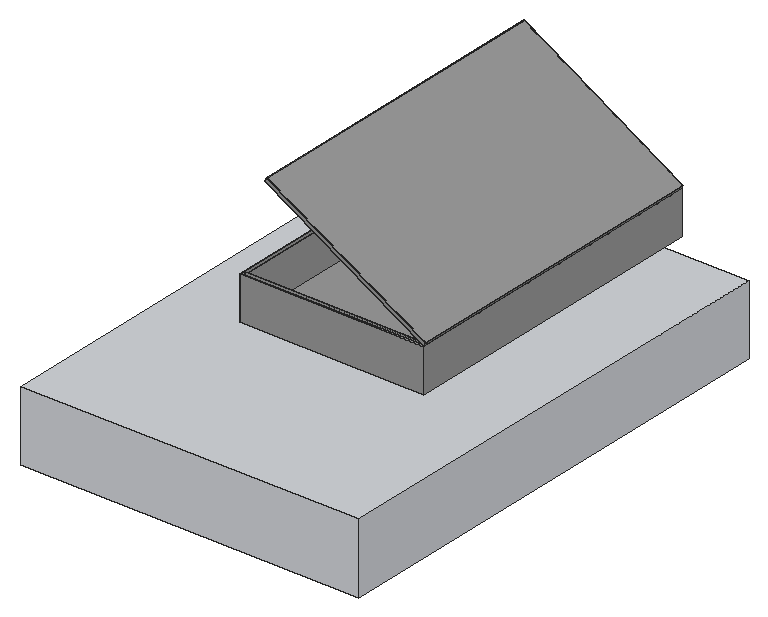
Revit family "Hager-Univers-IP44-D205-H1400-Cl.II-Encl-PL-en", category Equipement électrique, Revit 2020
Family settings
  Hôte = Face
  Configuration du panneau = Deux colonnes, circuits au sein
  Cote de connecteur circulaire = Utiliser le diamètre
  Type d'élément = Tableau de raccordement
  Couper avec des vides une fois chargée = Non
  Partagée = Non
  Point de calcul de pièce = Non
Parameters (values of type "Surface mounted (plaster) IP44 W800 H1400 D205  - FP93SN2")
  Width Control [instance] = if([EF000008 - Width] > Min Width, [EF000008 - Width], Min Width)  # 800 mm
  Commentaires du type = [HG000003 - Range]  # "Univers"
  Thickness Door [instance] = if([EF009171 - Material plate thickness door/cover] > 3 mm, 3 mm, [EF009171 - Material plate thickness door/cover])  # 1 mm
  Seal Frame Offset [instance] = 17 mm  # constant formula
  Plinth Visibility [instance] = [HG000027 - Plinth height] > 0 mm  # no
  Model = ""
  Min Width [instance] = 100 mm  # constant formula
  Min Height [instance] = 100 mm  # constant formula
  Min Depth [instance] = (2 * [EF009170 - Material plate thickness cabinet]) + 1 mm  # 3 mm
  Internal Frame Depth [instance] = (Door System Depth * 0.5)  # 9 mm
  Height Control [instance] = if([EF000040 - Height] > Min Height, [EF000040 - Height], Min Height)  # 1400 mm
  HG000027 - Plinth height = 0 mm
  HG000026 - Floor standing = no
  HG000024 - Bottom section height = 800 mm
  HG000023 - Double section enclosure = no
  HG000016 - Door 3d visibility [instance] = yes
  HG000015 - Clearance visibility [instance] = no
  HG000014 - Door on the right [instance] = yes
  HG000013 - Door on the left [instance] = not([HG000014 - Door on the right])  # no
  HG000012 - Door swing angle [instance] = 30.00°
  HG000010 - Asymmetric doors = no
  HG000009 - Double swing door = no
  HG000006 - Flush mounted = no
  HG000004 - Manufacturer reference = "FP93SN2"
  HG000003 - Range = "Univers"
  HG000002 - With door or cover = yes
  Frame Offset Bottom [instance] = 10 mm  # constant formula
  Frame Offset [instance] = 15 mm  # constant formula
  EF015940 - Cover with overpressure release = no
  EF011959 - Degree of protection (NEMA) = ""
  EF009554 - Number of openings for flange plates = 6
  EF009212 - Cover model = "EV000116 - Closed"
  EF009171 - Material plate thickness door/cover = 1 mm
  EF009170 - Material plate thickness cabinet = 1 mm
  Fabricant = "Hager"  # constant formula
  EF008873 - Nominal current (In) = 250 A
  EF007800 - Suitable for lightning protection = no
  EF006306 - With lock = no
  EF006244 - Transparent cover/door = no
  EF005474 - Degree of protection (IP) = "EV006418 - IP44"
  EF004464 - Type of door = "EV002646 - Single"
  EF004427 - Number of modules = 324
  EF004293 - Impact strength = "EV006815 - IK09"
  EF003532 - Suitable for outdoor use = no
  EF002950 - Width in number of modular spacings = 36
  EF001613 - Circuit integrity = "EV000494 - None"
  EF001596 - Material housing = "EV000179 - Steel"
  EF001131 - Internal depth = 143 mm
  EF001088 - Extension possible = yes
  EF000437 - Number of conduit inlets = 6
  EF000339 - Type of cover = "EV001012 - Cover"
  EF000266 - Number of rows = 9
  EF000218 - Built-in depth = 205 mm
  EF000118 - With mounting plate = no
  EF000116 - RAL-number = "9010"
  EF000049 - Depth = 205 mm
  EF000040 - Height = 1400 mm
  EF000008 - Width = 800 mm
  EF000007 - Colour = "EV000202 - White"
  EF000003 - Mounting method = "EV000384 - Surface mounted (plaster)"
  Door System Leaf Tolerance [instance] = 1.5 mm  # constant formula
  Door System Depth [instance] = 18 mm  # constant formula
  Door Height [instance] = Height Control - [HG000027 - Plinth height]  # 1400 mm
  Depth Control [instance] = if([EF000049 - Depth] > Min Depth, [EF000049 - Depth], Min Depth)  # 205 mm
  Default Elevation = 0 mm
  Connector Offset [instance] = Height Control / 2  # 700 mm
  Bottom Top Plate Trim [instance] = 1.5 mm  # constant formula
  Plinth height Ctrl [instance] = if([HG000027 - Plinth height] > 0 mm, [HG000027 - Plinth height], 12 mm)  # 12 mm
Types (5, lengths in mm): name | Width Control | HG000010 - Asymmetric doors | HG000009 - Double swing door | HG000004 - Manufacturer reference | EF009554 - Number of openings for flange plates | EF004464 - Type of door | EF004427 - Number of modules | EF002950 - Width in number of modular spacings | EF001131 - Internal depth | EF000437 - Number of conduit inlets | EF000339 - Type of cover | EF000008 - Width
  Surface mounted (plaster) IP44 W1050 H1400 D205  - FP94SN2 | 1050 | no | yes | "FP94SN2" | 8 | "EV003602 - Double" | 432 | 48 | 143 | 8 | "EV001012 - Cover" | 1050
  Surface mounted (plaster) IP44 W1300 H1400 D205  - FP95SN2 | 1300 | yes | yes | "FP95SN2" | 10 | "EV003602 - Double" | 540 | 60 | 130 | 10 | "EV004216 - Door" | 1300
  Surface mounted (plaster) IP44 W300 H1400 D205  - FP91SN2 | 300 | no | no | "FP91SN2" | 2 | "EV002646 - Single" | 108 | 12 | 143 | 2 | "EV001012 - Cover" | 300
  Surface mounted (plaster) IP44 W550 H1400 D205  - FP92SN2 | 550 | no | no | "FP92SN2" | 4 | "EV002646 - Single" | 216 | 24 | 143 | 4 | "EV001012 - Cover" | 550
  Surface mounted (plaster) IP44 W800 H1400 D205  - FP93SN2 | 800 | no | no | "FP93SN2" | 6 | "EV002646 - Single" | 324 | 36 | 143 | 6 | "EV001012 - Cover" | 800
Reference planes
  plane 1 "Center (Front/Back)": y = 0
  plane 2: z = 0
  plane 3 "Center (Left/Right)": x = 0
  plane 4: z = 205
  plane 5: y = 1
  plane 6: y = 700
  plane 7: y = 0
  plane 8: y = 1400
  plane 9: z = 0
  plane 10: x = -385
  plane 11: x = 385
  plane 12: x = 384
  plane 13: x = -384
  plane 14: y = 1399
  plane 15: x = -383
  plane 16: x = -400
  plane 17: x = 383
  plane 18: x = 400
  plane 19: x = 399
  plane 20: x = -399
  plane 21: y = 11
  plane 22: y = 1400
  plane 23: y = 1384
  plane 24: z = 187
  plane 25: z = 1
  plane 26: z = 186
  plane 27: z = 204
Forms (mm)
  Extrusion 1, solid
    sketch origin (0, 0, 0) x (1, 0, 0) y (0, 1, 0)
      loop
        line (-702.964, 1305) -> (-702.964, -811.445) -> (766.763, -811.445) -> (766.763, 1305) -> (-702.964, 1305)
    from 0 to -304.8
  Extrusion 2, solid, material "Hager_Steel_RAL7035_Light_Grey", visible <- "Plinth Visibility", detail levels medium+fine
    sketch origin (0, 0, 0) x (1, 0, 0) y (0, 1, 0)
      loop
        line (-400, 0) -> (400, 0) -> (400, 12) -> (-400, 12) -> (-400, 0)
    from 0 to 187
  Extrusion 3, solid, material "Hager_Steel_RAL7035_Light_Grey", detail levels medium+fine
    sketch origin (0, 0, 0) x (1, 0, 0) y (0, 1, 0)
      loop
        line (-400, 0) -> (400, 0) -> (400, 1400) -> (-400, 1400) -> (-400, 0)
    from 0 to 187
  Extrusion 4, void
    sketch origin (0, 0, 0) x (1, 0, 0) y (0, 1, 0)
      loop
        line (-399, 1) -> (399, 1) -> (399, 1399) -> (-399, 1399) -> (-399, 1)
    from 1 to 186
  Extrusion 5, void
    sketch origin (-381.607, -4572, 187) x (0, -1, 0) y (-1, 0, 0)
      loop
        line (-4583, 2.393) -> (-5956, 2.393) -> (-5956, -765.607) -> (-4583, -765.607) -> (-4583, 2.393)
    from 0 to 1 <- "EF009170 - Material plate thickness cabinet"
  Extrusion 6, solid, material "Hager_Steel_RAL7035_Light_Grey", detail levels fine
    sketch origin (0, 0, 187) x (1, 0, 0) y (0, 1, 0)
      loop
        line (-384, 1384) -> (-384, 11) -> (384, 11) -> (384, 1384) -> (-384, 1384)
      loop
        line (-385, 10) -> (385, 10) -> (385, 1385) -> (-385, 1385) -> (-385, 10)
    from 0 to 9 <- "Internal Frame Depth"
  Extrusion 7, solid, material "Hager_Steel_RAL7035_Light_Grey", detail levels coarse
    sketch origin (0, 0, 0) x (1, 0, 0) y (0, 1, 0)
      loop
        line (-400, 0) -> (400, 0) -> (400, 1400) -> (-400, 1400) -> (-400, 0)
    from 0 to 205
  Sweep 8, void
    path in 3D
      loop
        line (-400, 12, 0) -> (400, 12, 0) -> (400, 12, 187) -> (-400, 12, 187) -> (-400, 12, 0)
    profile origin (-400, 12, 93.5) x (-1, 0, 0) y (0, -1, 0)
      loop
        line (0, 0) -> (0, 1.5) -> (-1.5, 1.5)
        arc (-1.5, 1.5) -> (-1.061, 0.439) -> (0, 0) r 1.5
Cuts and joins
  Extrusion 4, Extrusion 5 cuts Extrusion 3
  Sweep 8 cuts Extrusion 2
Lines and regions (mm)
  Masking region 1
    outline origin (0, 0, 0) x (1, 0, 0) y (0, 0, 1)
      loop
        line (-400, 205) -> (-400, 0) -> (400, 0) -> (400, 205) -> (-400, 205)
  Masking region 2, detail levels medium+fine
    outline origin (0, 140, 0) x (0, 1, 0) y (0, 0, 1)
      loop
        line (-140, 0) -> (1260, 0) -> (1260, 187) -> (-140, 187) -> (-140, 0)
  Masking region 3, not visible, detail levels medium+fine
    outline origin (0, 297.922, 0) x (0, 1, 0) y (0, 0, 1)
      loop
        line (413.578, 0) -> (453.578, 0) -> (453.578, 194)
        arc (453.578, 194) -> (450.649, 201.071) -> (443.578, 204) r 10
        line (443.578, 204) -> (413.578, 204) -> (413.578, 0)
  Masking region 4, detail levels coarse
    outline origin (0, 0, 180) x (0, 1, 0) y (0, 0, 1)
      loop
        line (0, -180) -> (1400, -180) -> (1400, 25) -> (0, 25) -> (0, -180)
  Masking region 5, visible <- "Plinth Visibility", detail levels medium+fine
    outline origin (0, 52.24, 12.345) x (0, 0, -1) y (0, 1, 0)
      loop
        line (10.845, -40.24) -> (-173.155, -40.24)
        arc (-173.155, -40.24) -> (-173.594, -41.301) -> (-174.655, -41.74) r 1.5
        line (-174.655, -41.74) -> (-174.655, -52.24) -> (12.345, -52.24) -> (12.345, -41.74)
        arc (12.345, -41.74) -> (11.285, -41.301) -> (10.845, -40.24) r 1.5
  Masking region 6, detail levels medium+fine
    outline origin (-381.607, -4572, 187) x (-1, 0, 0) y (0, -1, 0)
      loop
        line (18.393, -5972) -> (18.393, -4572) -> (-781.607, -4572) -> (-781.607, -5972) -> (18.393, -5972)
  Masking region 7, visible <- "Plinth Visibility", detail levels medium+fine
    outline origin (-381.607, -4727, 187) x (-1, 0, 0) y (0, -1, 0)
      loop
        arc (16.893, -4739) -> (17.332, -4737.939) -> (18.393, -4737.5) r 1.5
        line (18.393, -4737.5) -> (18.393, -4727) -> (-781.607, -4727) -> (-781.607, -4737.5)
        arc (-781.607, -4737.5) -> (-780.546, -4737.939) -> (-780.107, -4739) r 1.5
        line (-780.107, -4739) -> (16.893, -4739)
  Masking region 8, detail levels coarse
    outline origin (-442.548, -4669.526, 187) x (-1, 0, 0) y (0, -1, 0)
      loop
        line (-42.548, -6069.526) -> (-42.548, -4669.526) -> (-842.548, -4669.526) -> (-842.548, -6069.526) -> (-42.548, -6069.526)
  sketch lines
    curve 1: line (-400, 12, 187) -> (-400, 12, 0)
    curve 2: line (400, 12, 187) -> (-400, 12, 187)
    curve 3: line (400, 12, 187) -> (400, 12, 0)
    curve 4: line (-400, 12, 0) -> (400, 12, 0)
Dimensions and locks
  "Depth Control": plane 4 to Extrusion 1
  "HG000027 - Plinth height": plane 1 "Center (Front/Back)" to plane 7
  "EF009170 - Material plate thickness cabinet": plane 5 to plane 7
  locked: connector elem to plane 3 "Center (Left/Right)"
  equal spacing: plane 8, plane 6, plane 7
  locked: connector elem to plane 6
  "EF009170 - Material plate thickness cabinet": plane 8 to plane 14
  "EF009170 - Material plate thickness cabinet": plane 10 to plane 13
  "EF009170 - Material plate thickness cabinet": plane 12 to plane 11
  "Frame Offset": plane 20 to plane 13
  "Frame Offset": plane 12 to plane 19
  "EF009170 - Material plate thickness cabinet": plane 16 to plane 20
  "EF009170 - Material plate thickness cabinet": plane 19 to plane 18
  "Seal Frame Offset": plane 16 to plane 15
  "Seal Frame Offset": plane 17 to plane 18
  "Frame Offset Bottom": plane 21 to plane 5
  "Frame Offset": plane 14 to plane 23
  equal spacing: plane 16, plane 3 "Center (Left/Right)", plane 18
  "Width Control": plane 16 to plane 18
  "EF009170 - Material plate thickness cabinet": plane 4 to plane 27
  "EF009170 - Material plate thickness cabinet": plane 24 to plane 26
  "EF009170 - Material plate thickness cabinet": plane 25 to level
  "Door System Depth": plane 4 to plane 24
  "Height Control": plane 1 "Center (Front/Back)" to Extrusion 7 sketch curve
  "Height Control": Masking region 4 sketch curve to plane 1 "Center (Front/Back)"
  "Height Control": plane 1 "Center (Front/Back)" to plane 22
  "Bottom Top Plate Trim": profile plane to Sweep 8 sketch curve
  "Bottom Top Plate Trim": Sweep 8 sketch curve to profile plane
  "Plinth height Ctrl": plane 1 "Center (Front/Back)" to Extrusion 2 sketch curve
  "Plinth height Ctrl": Masking region 5 sketch curve to plane 1 "Center (Front/Back)"
  "Plinth height Ctrl": plane 1 "Center (Front/Back)" to Masking region 7 sketch curve
  "Thickness Door": Extrusion 6 sketch curve to Extrusion 6 sketch curve  (x3)
  "Thickness Door": cut or joined group of Extrusion 3, Extrusion 4, Extrusion 5 to Extrusion 6 sketch curve
  radius of Masking region 3 sketch curve = 10 mm
  "Bottom Top Plate Trim": radius of Masking region 5 sketch curve  (x2)
  "Bottom Top Plate Trim": radius of Sweep 8 sketch curve
  "Bottom Top Plate Trim": radius of Masking region 7 sketch curve  (x2)
  aligned and locked: plane 2 to Extrusion 1
  aligned and locked: level to Extrusion 1
  aligned and locked: level to Masking region 1 sketch curve
  aligned and locked: Masking region 1 sketch curve to plane 18
  aligned and locked: Masking region 1 sketch curve to plane 16
  aligned and locked: plane 7 to Masking region 2 sketch curve
  aligned and locked: level to Masking region 3 sketch curve
  aligned and locked: Masking region 3 sketch curve to plane 27
  aligned and locked: level to Masking region 2 sketch curve
  aligned and locked: plane 1 "Center (Front/Back)" to Extrusion 2 sketch curve
  aligned and locked: Extrusion 3 sketch curve to plane 7
  aligned and locked: plane 16 to Extrusion 3 sketch curve
  aligned and locked: plane 18 to Extrusion 3 sketch curve
  aligned and locked: plane 20 to Extrusion 4 sketch curve
  aligned and locked: plane 19 to Extrusion 4 sketch curve
  aligned and locked: Extrusion 4 sketch curve to plane 5
  aligned and locked: Extrusion 4 to plane 25
  aligned and locked: plane 26 to Extrusion 4
  aligned and locked: plane 24 to Extrusion 3
  aligned and locked: Extrusion 5 sketch curve to plane 21
  aligned and locked: Extrusion 5 sketch curve to plane 13
  aligned and locked: Extrusion 5 sketch curve to plane 12
  aligned and locked: plane 18 to Extrusion 7 sketch curve
  aligned and locked: plane 1 "Center (Front/Back)" to Extrusion 7 sketch curve
  aligned and locked: plane 16 to Extrusion 7 sketch curve
  aligned and locked: plane 4 to Extrusion 7
  aligned and locked: Extrusion 7 to level
  aligned and locked: level to Masking region 4 sketch curve
  aligned and locked: Masking region 4 sketch curve to plane 1 "Center (Front/Back)"
  aligned and locked: Masking region 4 sketch curve to plane 4
  aligned and locked: nested 1 to level
  aligned and locked: nested 1 to plane 16
  aligned and locked: plane 8 to Extrusion 3 sketch curve
  aligned and locked: plane 23 to Extrusion 5 sketch curve
  aligned and locked: plane 14 to Extrusion 4 sketch curve
  aligned and locked: Masking region 2 sketch curve to plane 8
  aligned and locked: level to Masking region 5 sketch curve
  aligned and locked: plane 16 to Extrusion 2 sketch curve
  aligned and locked: plane 18 to Extrusion 2 sketch curve
  aligned and locked: Masking region 5 sketch curve to plane 24
  aligned and locked: Masking region 2 sketch curve to plane 24
  aligned and locked: plane 24 to Extrusion 2
  aligned and locked: profile plane to Sweep 8 sketch curve  (x2)
  aligned and locked: Masking region 6 sketch curve to plane 18
  aligned and locked: Masking region 6 sketch curve to plane 22
  aligned and locked: Masking region 6 sketch curve to plane 16
  aligned and locked: plane 8 to plane 22
  aligned and locked: Masking region 6 sketch curve to plane 7
  aligned and locked: Masking region 7 sketch curve to plane 16
  aligned and locked: Masking region 7 sketch curve to plane 1 "Center (Front/Back)"
  aligned and locked: Masking region 7 sketch curve to plane 18
  aligned and locked: Masking region 8 sketch curve to plane 1 "Center (Front/Back)"
  aligned and locked: Masking region 8 sketch curve to plane 18
  aligned and locked: Masking region 8 sketch curve to plane 22
  aligned and locked: Masking region 8 sketch curve to plane 16
  aligned and locked: nested 2 to plane 7
  aligned and locked: plane 3 "Center (Left/Right)" to nested 2
  aligned and locked: nested 2 to plane 24
  aligned and locked: Extrusion 6 sketch curve to cut or joined group of Extrusion 3, Extrusion 4, Extrusion 5  (x4)
Automatic sketch dimensions
  Extrusion 1 sketch curve to Extrusion 1 sketch curve = 1469.727 mm
  Extrusion 1 sketch curve to Extrusion 1 sketch curve = 2116.445 mm
  Masking region 1 sketch curve to plane 4 = 0 mm
  plane 6 to Masking region 3 sketch curve = 11.5 mm
  Masking region 3 sketch curve to Masking region 3 sketch curve = 30 mm
  Masking region 5 sketch curve to plane 1 "Center (Front/Back)" = 0 mm
Nested families
  nested 1: "Hager_Enclosure_Symbol" at (-400, 0, 0) x (1, 0, 0) z (0, -1, 0), Height <- "Depth Control", Width <- "Width Control", type "Hager_Enclosure_Symbol"
    with Width_Ctrl 800 mm, Width 800 mm, Height_Ctrl 205 mm, Height 205 mm, A_Width_Int 13.453 mm, A_Width 161.438 mm, A_Height_Ctrl 179.375 mm, A_Height 179.375 mm
  nested 2: "EC000058_Univers_Door" at (0, 0, 187) x (1, 0, 0) z (0, 1, 0), Leaf_Tolerance <- "Door System Leaf Tolerance", Angle <- "HG000012 - Door swing angle", Door_Depth <- "Door System Depth", Door_Left <- "HG000013 - Door on the left", Transparent <- "EF006244 - Transparent cover/door", Assymetrical <- "HG000010 - Asymmetric doors", Width <- "Width Control", Clearance <- "HG000015 - Clearance visibility", Double <- "HG000009 - Double swing door", 3d_Door <- "HG000016 - Door 3d visibility", Lock_Visibility <- "EF006306 - With lock", Width_Ctrl <- "Width Control", Door_Right <- "HG000014 - Door on the right", Door <- "HG000002 - With door or cover", Height <- "Door Height", Thickness <- "Thickness Door", type "EC000058_Univers_Door", detail levels medium+fine
    with min_wh 3 mm, Width_Ctrl 800 mm, Width 800 mm, Transparent no, Thickness 1 mm, Seal_Material Hager_Rubber, Lock_Visibility no, Lock_Material Hager_Plastic_RAL9005_Jet_Black, Leaf_Width 800 mm, Leaf_Tolerance_External_Sides 0 mm, Leaf_Tolerance 1.5 mm, Leaf_Offset 0 mm, Leaf_Height 1397 mm, Leaf_2_Width 800 mm, Leaf_2_Offset 400 mm, Leaf_1_Width 800 mm, Leaf_1_Offset 400 mm, Height_Ctrl 1400 mm, Height 1400 mm, Glass_Material Hager_Glass, Double_Clearance_Ctrl no, Double no, Door_Right_Ctrl yes, Door_Right yes, Door_Material Hager_Steel_RAL7035_Light_Grey, Door_Left_Ctrl no, Door_Left no, Door_Depth 18 mm, Door yes, Clearance_Material Hager_Clearance, Clearance_Depth 800 mm, Clearance_Ctrl no, Clearance no, Assymetrical no, Angle 30.00°, 3d_Door yes
Connectors
  electrical at (0, 700, 0)
    settings: on plane 9, index 1, voltage 0 V, apparent load 0 VA, apparent load phase1 0 VA, apparent load phase2 0 VA, apparent load phase3 0 VA, power factor 1, load classification "Other", number of poles 1, system type 30, power factor state 1, is connector primary yes, connector utility no, sub classification motor no, connector description ""
Definition of nested family "EC000058_Univers_Door"
  Parameters (values of type "EC000058_Univers_Door")
    min_wh [instance] = (2 * Thickness) + 1 mm  # 11 mm
    Width_Ctrl [instance] = 400 mm
    Width [instance] = 500 mm
    Transparent [instance] = yes
    Thickness [instance] = 5 mm
    Seal_Material [instance] = none
    Lock_Visibility [instance] = yes
    Lock_Material [instance] = none
    Leaf_Width [instance] = if((Width_Ctrl - 2 * Leaf_Tolerance_External_Sides) > 0 mm, (Width_Ctrl - 2 * Leaf_Tolerance_External_Sides), min_wh)  # 400 mm
    Leaf_Tolerance_External_Sides [instance] = 0 mm  # constant formula
    Leaf_Tolerance [instance] = 1.5 mm
    Leaf_Offset [instance] = 0 mm  # constant formula
    Leaf_Height [instance] = if((Height_Ctrl - 2 * Leaf_Tolerance) > 0 mm, (Height_Ctrl - 2 * Leaf_Tolerance), min_wh)  # 497 mm
    Leaf_2_Width [instance] = if(and(and(Double, Assymetrical), Door_Left), (Leaf_Width / 3) - (Leaf_Tolerance / 2), if(and(and(Double, Assymetrical), Door_Right), (Leaf_Width / 3) * 2 - (Leaf_Tolerance / 2), if(and(Double, not(Assymetrical)), (Leaf_Width / 2) - Leaf_Tolerance, Leaf_Width)))  # 400 mm
    Leaf_2_Offset [instance] = if(and(Double, Assymetrical), Leaf_2_Width / 2, if(and(Double, not(Assymetrical)), Leaf_Width / 4, Leaf_Width / 2))  # 200 mm
    Leaf_1_Width [instance] = if(and(and(Double, Assymetrical), Door_Right), (Leaf_Width / 3) - (Leaf_Tolerance / 2), if(and(and(Double, Assymetrical), Door_Left), (Width / 3) * 2 - (Leaf_Tolerance / 2), if(and(Double, not(Assymetrical)), (Leaf_Width / 2) - Leaf_Tolerance, Leaf_Width)))  # 400 mm
    Leaf_1_Offset [instance] = if(and(Double, Assymetrical), Leaf_1_Width / 2, if(and(Double, not(Assymetrical)), Leaf_Width / 4, Leaf_Width / 2))  # 200 mm
    Height_Ctrl [instance] = if(Height > min_wh, Height, min_wh)  # 500 mm
    Height [instance] = 500 mm
    Glass_Material [instance] = none
    Double_Clearance_Ctrl [instance] = and(Double, Clearance)  # no
    Double [instance] = no
    Door_Right_Ctrl [instance] = and(or(Door_Right, Double), Door)  # yes
    Door_Right [instance] = yes
    Door_Material [instance] = none
    Door_Left_Ctrl [instance] = and(or(Door_Left, Double), Door)  # no
    Door_Left [instance] = no
    Door_Depth [instance] = 30 mm
    Door [instance] = yes
    Default Elevation = 1219.2 mm
    Clearance_Material [instance] = none
    Clearance_Depth [instance] = if(Leaf_1_Width > Leaf_2_Width, Leaf_1_Width, Leaf_2_Width)  # 400 mm
    Clearance_Ctrl [instance] = and(not(Double), Clearance)  # yes
    Clearance [instance] = yes
    Assymetrical [instance] = yes
    Angle [instance] = 30.00°
    3d_Door [instance] = yes
  Reference planes
    plane 1 "Center (Front/Back)": y = 0
    plane 2 "Bottom": z = 0
    plane 3 "Center (Left/Right)": x = 0
    plane 4: z = 500
    plane 5: x = -200
    plane 6: x = 200
    plane 7: z = 500
    plane 8: x = -200
    plane 9: z = 0
    plane 10: x = 200
    plane 11: y = 0
    plane 12: z = 1.5
    plane 13: x = -600
    plane 14: y = -400
    plane 15: x = 600
    plane 16: x = 0
    plane 17: x = 0
    plane 18: x = -200
    plane 19: x = 200
    plane 20: z = 498.5
  Forms (mm)
    Extrusion 1, solid, material <- "Clearance_Material", visible <- "Double_Clearance_Ctrl"
      sketch origin (1200, 0, 0) x (1, 0, 0) y (0, 0, -1)
        loop
          line (-1800, -498.5) -> (-600, -498.5) -> (-600, 0) -> (-1800, 0) -> (-1800, -498.5)
      from 0 to -400
  Dimensions and locks
    equal spacing: plane 5, plane 3 "Center (Left/Right)", plane 6
    "Width_Ctrl": plane 5 to plane 6
    "Leaf_Offset": plane 5 to plane 8
    "Leaf_Offset": plane 6 to plane 10
    "Leaf_Offset": plane 9 to level
    "Leaf_Offset": plane 4 to plane 7
    "Height_Ctrl": plane 4 to level
    "Leaf_Tolerance": plane 12 to plane 9
    locked: plane 11 to plane 1 "Center (Front/Back)"
    "Leaf_1_Offset": plane 18 to plane 16
    "Leaf_2_Offset": plane 17 to plane 19
    "Leaf_1_Width": plane 13 to plane 8
    "Leaf_2_Width": plane 10 to plane 15
    "Clearance_Depth": plane 14 to plane 1 "Center (Front/Back)"
    "Leaf_Tolerance_External_Sides": plane 8 to plane 18
    "Leaf_Tolerance_External_Sides": plane 19 to plane 10
    "Leaf_Tolerance": plane 7 to plane 20
    aligned and locked: level to plane 2 "Bottom"
    aligned and locked: nested 1 to plane 16
    aligned and locked: nested 2 to plane 17
    aligned and locked: Extrusion 1 to plane 13
    aligned and locked: plane 15 to Extrusion 1
    aligned and locked: Extrusion 1 to plane 14
    aligned and locked: plane 12 to nested 1
    aligned and locked: nested 2 to plane 12
    aligned and locked: Extrusion 1 to plane 11
    aligned and locked: plane 20 to Extrusion 1
    aligned and locked: nested 2 to plane 11
    aligned and locked: nested 1 to plane 11
  Automatic sketch dimensions
    Extrusion 1 sketch curve to level = 0 mm
    plane 5 to Extrusion 1 sketch curve = 400 mm
    plane 6 to Extrusion 1 sketch curve = 400 mm
    Extrusion 1 sketch curve to plane 4 = 1.5 mm
  Nested families
    nested 1: "EC000058_Univers_Door_Leaf" at (0, 0, 1.5), Width <- "Leaf_1_Width", visible <- "Door_Left_Ctrl", Leaf_Height <- "Leaf_Height", Angle <- "Angle", 3d_Door <- "3d_Door", Transparent <- "Transparent", Clearance Material <- "Clearance_Material", Clearance <- "Clearance_Ctrl", Door_Material <- "Door_Material", Glass_Material <- "Glass_Material", Door_Depth <- "Door_Depth", Lock_Material <- "Lock_Material", Seal_Material <- "Seal_Material", Lock_Visibility <- "Lock_Visibility", Thickness <- "Thickness", type "EC000058_Univers_Door_Leaf"
      with Width 400 mm, Transparent_Glass_Offset 30 mm, Transparent_Ctrl yes, Transparent yes, Thickness 5 mm, Standard no, Seal_Material none, Seal_D2 8 mm, Seal_D1 1 mm, Offset_Internal_Frame 10 mm, Lock_Width 20 mm, Lock_Visibility_3d yes, Lock_Visibility yes, Lock_Thickness_3 3 mm, Lock_Thickness_2 1 mm, Lock_Thickness_1 3 mm, Lock_Radius_Offset_2 16 mm, Lock_Radius_Offset_1 15 mm, Lock_Radius_2 5 mm, Lock_Radius 6 mm, Lock_Offset 5 mm, Lock_Material none, Lock_Height 80 mm, Lock_Cover_Top_Offset_2d 17 mm, Lock_Cover_Height -65 mm, Leaf_Height 497 mm, Internal_Seal_Thickness 8 mm, Internal_Seal_Depth_2 4.5 mm, Internal_Frame_Depth 25 mm, Glass_Thickness -1 mm, Glass_Offset -2 mm, Glass_Material none, Door_Material none, Door_Depth 30 mm, Clearance Material none, Clearance yes, Angle_Ctrl 30.00°, Angle 30.00°, 3d_Door yes
    nested 2: "EC000058_Univers_Door_Leaf" at (0, 0, 1.5) x (-1, 0, 0) z (0, 0, 1), Width <- "Leaf_2_Width", visible <- "Door_Right_Ctrl", Leaf_Height <- "Leaf_Height", Angle <- "Angle", 3d_Door <- "3d_Door", Transparent <- "Transparent", Clearance Material <- "Clearance_Material", Clearance <- "Clearance_Ctrl", Door_Material <- "Door_Material", Glass_Material <- "Glass_Material", Door_Depth <- "Door_Depth", Lock_Material <- "Lock_Material", Seal_Material <- "Seal_Material", Lock_Visibility <- "Lock_Visibility", Thickness <- "Thickness", type "EC000058_Univers_Door_Leaf"
      with Width 400 mm, Transparent_Glass_Offset 30 mm, Transparent_Ctrl yes, Transparent yes, Thickness 5 mm, Standard no, Seal_Material none, Seal_D2 8 mm, Seal_D1 1 mm, Offset_Internal_Frame 10 mm, Lock_Width 20 mm, Lock_Visibility_3d yes, Lock_Visibility yes, Lock_Thickness_3 3 mm, Lock_Thickness_2 1 mm, Lock_Thickness_1 3 mm, Lock_Radius_Offset_2 16 mm, Lock_Radius_Offset_1 15 mm, Lock_Radius_2 5 mm, Lock_Radius 6 mm, Lock_Offset 5 mm, Lock_Material none, Lock_Height 80 mm, Lock_Cover_Top_Offset_2d 17 mm, Lock_Cover_Height -65 mm, Leaf_Height 497 mm, Internal_Seal_Thickness 8 mm, Internal_Seal_Depth_2 4.5 mm, Internal_Frame_Depth 25 mm, Glass_Thickness -1 mm, Glass_Offset -2 mm, Glass_Material none, Door_Material none, Door_Depth 30 mm, Clearance Material none, Clearance yes, Angle_Ctrl 30.00°, Angle 30.00°, 3d_Door yes
  Definition of nested family "EC000058_Univers_Door_Leaf"
    Parameters (values of type "EC000058_Univers_Door_Leaf")
      Width [instance] = 2000 mm
      Transparent_Glass_Offset [instance] = 30 mm
      Transparent_Ctrl [instance] = and(Transparent, [3d_Door])  # yes
      Transparent [instance] = yes
      Thickness [instance] = 5 mm
      Standard [instance] = and(not(Transparent), [3d_Door])  # no
      Seal_Material [instance] = none
      Seal_D2 [instance] = 8 mm  # constant formula
      Seal_D1 [instance] = 1 mm  # constant formula
      Offset_Internal_Frame [instance] = 10 mm  # constant formula
      Lock_Width [instance] = 20 mm  # constant formula
      Lock_Visibility_3d [instance] = and(Lock_Visibility, [3d_Door])  # yes
      Lock_Visibility [instance] = yes
      Lock_Thickness_3 [instance] = 3 mm  # constant formula
      Lock_Thickness_2 [instance] = 1 mm  # constant formula
      Lock_Thickness_1 [instance] = 3 mm  # constant formula
      Lock_Radius_Offset_2 [instance] = Lock_Radius_Offset_1 + 1 mm  # 16 mm
      Lock_Radius_Offset_1 [instance] = 15 mm  # constant formula
      Lock_Radius_2 [instance] = Lock_Radius - 1 mm  # 5 mm
      Lock_Radius [instance] = 6 mm  # constant formula
      Lock_Offset [instance] = 5 mm  # constant formula
      Lock_Material [instance] = none
      Lock_Height [instance] = 80 mm  # constant formula
      Lock_Cover_Top_Offset_2d [instance] = Lock_Radius_Offset_2 + 1 mm  # 17 mm
      Lock_Cover_Height [instance] = -(Lock_Height - Lock_Radius_Offset_1)  # -65 mm
      Leaf_Height [instance] = 2720.336 mm
      Internal_Seal_Thickness [instance] = 8 mm  # constant formula
      Internal_Seal_Depth_2 [instance] = 4.5 mm  # constant formula
      Internal_Frame_Depth [instance] = if(Door_Depth - Thickness > 5 mm, Door_Depth - Thickness, 5 mm)  # 25 mm
      Glass_Thickness [instance] = if(Thickness > 15 mm, Glass_Offset + 10 mm, -1 mm)  # -1 mm
      Glass_Offset [instance] = if(Thickness > 15 mm, -(Thickness + 10 mm) / 2, -2 mm)  # -2 mm
      Glass_Material [instance] = none
      Door_Material [instance] = none
      Door_Depth [instance] = 30 mm
      Default Elevation = 0 mm
      Clearance Material [instance] = none
      Clearance [instance] = yes
      Angle_Ctrl [instance] = if(Angle > 180.00°, 180.00°, Angle)  # 90.00°
      Angle [instance] = 90.00°
      3d_Door [instance] = yes
    Reference planes
      plane 1 "Center (Front/Back)": y = 0
      plane 2: z = 0
      plane 3 "Center (Left/Right)": x = 0
      plane 4: y = 2000
      plane 5: x = -1000
      plane 6: x = 1000
      plane 7: x = -3000
      plane 8: z = 2720.336
      plane 9: z = 30
      plane 10: z = 2690.336
      plane 11: x = 970
      plane 12: x = -970
      plane 13: y = -3
      plane 14: z = 107.833
      plane 15: y = -5
      plane 16: y = -223.314
      plane 17: x = -1000
      plane 18: z = 1360.168
      plane 19: y = 30
    Forms (mm)
      Extrusion 1, solid, material <- "Clearance Material", visible <- "Clearance"
        sketch origin (0, 0, 0) x (1, 0, 0) y (0, 0, 1)
          loop
            line (-3000, 2720.336) -> (-3000, 0) -> (1000, 0) -> (1000, 2720.336) -> (-3000, 2720.336)
        from 0 to -2000
      Extrusion 2, solid, material <- "Door_Material", visible <- "Standard", detail levels medium+fine
        sketch origin (-1000, 0, 0) x (0, 1, 0) y (-1, 0, 0)
          loop
            line (0, 30) -> (0, 25) -> (2000, 25) -> (2000, 30) -> (0, 30)
        from 0 to 2720.336 <- "Leaf_Height"
      Extrusion 3, solid, material <- "Door_Material", visible <- "Transparent_Ctrl", detail levels medium+fine
        sketch origin (-1000, 0, 0) x (0, 1, 0) y (-1, 0, 0)
          loop
            line (0, 25) -> (2000, 25) -> (2000, 30) -> (0, 30) -> (0, 25)
        from 0 to 2720.336 <- "Leaf_Height"
      Extrusion 4, void
        sketch origin (-1025, 2000, 0) x (0, 1, 0) y (0, 0, -1)
          loop
            line (-30, -2690.336) -> (-30, -30) -> (-1970, -30) -> (-1970, -2690.336) -> (-30, -2690.336)
        from 0 to 5 <- "Thickness"
      Sweep 5, solid, material <- "Seal_Material", visible <- "Transparent_Ctrl", detail levels fine
        path in 3D
          loop
            line (-1025, 30, 30) -> (-1025, 30, 2690.336) -> (-1025, 1970, 2690.336) -> (-1025, 1970, 30) -> (-1025, 30, 30)
        profile origin (-1025, 1000, 30) x (1, 0, 0) y (0, 0, 1)
          loop
            line (0, 0) -> (0, -8) -> (1, -8) -> (1, 0) -> (0, 0)
      Extrusion 6, solid, material <- "Glass_Material", visible <- "Transparent_Ctrl", detail levels medium+fine
        sketch origin (-1030, 0, 0) x (0, 1, 0) y (0, 0, -1)
          loop
            line (1970, -2690.336) -> (1970, -30) -> (30, -30) -> (30, -2690.336) -> (1970, -2690.336)
        from -2 <- "Glass_Offset" to -1 <- "Glass_Thickness"
      Extrusion 7, solid, material <- "Door_Material", visible <- "3d_Door", detail levels medium+fine
        sketch origin (-1025, 2000, 0) x (0, -1, 0) y (0, 0, -1)
          loop
            line (0, -2720.336) -> (2000, -2720.336) -> (2000, 0) -> (0, 0) -> (0, -2720.336)
          loop
            line (1995, -5) -> (5, -5) -> (5, -2715.336) -> (1995, -2715.336) -> (1995, -5)
        from 0 to 25 <- "Internal_Frame_Depth"
      Sweep 8, solid, material <- "Seal_Material", visible <- "Transparent_Ctrl", detail levels fine
        path in 3D
          loop
            line (-1025, 0, 0) -> (-1025, 2000, 0) -> (-1025, 2000, 2720.336) -> (-1025, 0, 2720.336) -> (-1025, 0, 0)
        profile origin (-1025, 0, 1360.168) x (1, 0, 0) y (0, 1, 0)
          loop
            line (0, 10) -> (2.975, 10)
            arc (2.975, 10) -> (4.053, 10.447) -> (4.5, 11.525) r 1.525
            line (4.5, 11.525) -> (4.5, 16.527)
            arc (4.5, 16.527) -> (4.069, 17.569) -> (3.027, 18) r 1.473
            line (3.027, 18) -> (0, 18) -> (0, 10)
      Extrusion 9, solid, material <- "Lock_Material", visible <- "Lock_Visibility_3d", detail levels fine
        sketch origin (-1030, 0, 0) x (0, 1, 0) y (0, 0, -1)
          loop
            arc (1993.5, -1400.168) -> (1994.561, -1399.729) -> (1995, -1398.668) r 1.5
            line (1995, -1398.668) -> (1995, -1320.168) -> (1975, -1320.168) -> (1975, -1398.668)
            arc (1975, -1398.668) -> (1975.439, -1399.729) -> (1976.5, -1400.168) r 1.5
            line (1976.5, -1400.168) -> (1993.5, -1400.168)
        from 3 <- "Lock_Thickness_1" to 0
      Blend 10, solid, material <- "Lock_Material", visible <- "Lock_Visibility_3d", detail levels fine
        base sketch origin (-1033, 0, 0) x (0, 1, 0) y (0, 0, -1)
          loop
            line (1975, -1320.168) -> (1975, -1398.668)
            arc (1975, -1398.668) -> (1975.439, -1399.729) -> (1976.5, -1400.168) r 1.5
            line (1976.5, -1400.168) -> (1993.5, -1400.168)
            arc (1993.5, -1400.168) -> (1994.561, -1399.729) -> (1995, -1398.668) r 1.5
            line (1995, -1398.668) -> (1995, -1320.168) -> (1975, -1320.168)
        top sketch origin (-1033, 0, 0) x (0, 1, 0) y (0, 0, -1)
          loop
            line (1976, -1320.168) -> (1976, -1398.668)
            arc (1976, -1398.668) -> (1976.146, -1399.022) -> (1976.5, -1399.168) r 0.5
            line (1976.5, -1399.168) -> (1993.5, -1399.168)
            arc (1993.5, -1399.168) -> (1993.854, -1399.022) -> (1994, -1398.668) r 0.5
            line (1994, -1398.668) -> (1994, -1320.168) -> (1976, -1320.168)
        from 0 to 1 <- "Lock_Thickness_2"
      Blend 11, solid, material <- "Lock_Material", visible <- "Lock_Visibility_3d", detail levels fine
        base sketch origin (-1034, 0, 0) x (0, 1, 0) y (0, 0, -1)
          loop
            line (1978, -1320.168) -> (1978, -1384.168)
            arc (1978, -1384.168) -> (1985, -1391.168) -> (1992, -1384.168) r 7
            line (1992, -1384.168) -> (1992, -1320.168) -> (1978, -1320.168)
        top sketch origin (-1034, 0, 0) x (0, 1, 0) y (0, 0, -1)
          loop
            line (1991, -1320.168) -> (1979, -1320.168) -> (1979, -1383.168)
            arc (1979, -1383.168) -> (1985, -1389.168) -> (1991, -1383.168) r 6
            line (1991, -1383.168) -> (1991, -1320.168)
        from 0 to 3 <- "Lock_Thickness_3"
      Extrusion 12, solid, material <- "Lock_Material", visible <- "Lock_Visibility_3d", detail levels fine
        sketch origin (-1030, 1975, 1320.168) x (1, 0, 0) y (0, -1, 0)
          loop
            line (-7, -19) -> (-7, -1) -> (0, -1) -> (0, 0) -> (-8, 0) -> (-8, -20) -> (0, -20) -> (0, -19) -> (-7, -19)
        from 0 to -65 <- "Lock_Cover_Height"
      Extrusion 13, void
        sketch origin (-1038, 1995, 1320.168) x (-1, 0, 0) y (0, 0, -1)
          loop
            line (-5, -65) -> (0, -65) -> (-5, -60) -> (-5, -65)
        from 0 to 20 <- "Lock_Width"
      Extrusion 14, void
        sketch origin (-1038, 1975, 1320.168) x (0, -1, 0) y (0, 0, -1)
          loop
            circle (-10, -15.995) r 6
          loop
            circle (-10, -15.995) r 5
        from 0 to 2
      Extrusion 15, solid, material <- "Lock_Material", visible <- "Lock_Visibility_3d", detail levels medium
        sketch origin (-1030, 0, 0) x (0, 1, 0) y (0, 0, -1)
          loop
            arc (1993.5, -1400.168) -> (1994.561, -1399.729) -> (1995, -1398.668) r 1.5
            line (1995, -1398.668) -> (1995, -1320.168) -> (1975, -1320.168) -> (1975, -1398.668)
            arc (1975, -1398.668) -> (1975.439, -1399.729) -> (1976.5, -1400.168) r 1.5
            line (1976.5, -1400.168) -> (1993.5, -1400.168)
        from 8 to 0
    Cuts and joins
      Extrusion 4 cuts Extrusion 3
      Extrusion 13, Extrusion 14 cuts Extrusion 9
      Extrusion 14 cuts Blend 11
      Extrusion 13, Extrusion 14 cuts Extrusion 12
      joined: Extrusion 9, Blend 10, Blend 11, Extrusion 12
      Extrusion 14 cuts Extrusion 15
    Lines and regions (mm)
      Masking region 1, visible <- "Lock_Visibility", detail levels fine
        outline origin (0, 0, 0) x (0, 1, 0) y (0, 0, 1)
          loop
            line (30, 1320.168) -> (33, 1320.168) -> (33, 1400.168) -> (30, 1400.168) -> (30, 1320.168)
      Masking region 2, visible <- "Lock_Visibility", detail levels fine
        outline origin (0, 3.143, 0) x (0, 1, 0) y (0, 0, 1)
          loop
            line (29.857, 1354.168) -> (30.857, 1354.168) -> (30.857, 1366.168) -> (29.857, 1366.168) -> (29.857, 1354.168)
      Masking region 3, detail levels medium+fine
        outline origin (0, 0, 0) x (0, 1, 0) y (0, 0, 1)
          loop
            line (0, 0) -> (30, 0) -> (30, 2720.336) -> (0, 2720.336) -> (0, 0)
      Masking region 4, detail levels medium+fine
        outline origin (0, 0, 0) x (1, 0, 0) y (0, 0, 1)
          loop
            line (-1000, 2720.336) -> (-1000, 0) -> (1000, 0) -> (1000, 2720.336) -> (-1000, 2720.336)
      Masking region 5, visible <- "Lock_Visibility", detail levels fine
        outline origin (-47.116, 0, 0) x (1, 0, 0) y (0, 0, 1)
          loop
            arc (1024.616, 1399.168) -> (1023.556, 1398.729) -> (1023.116, 1397.668) r 1.5
            line (1023.116, 1397.668) -> (1023.116, 1320.168) -> (1041.116, 1320.168) -> (1041.116, 1397.668)
            arc (1041.116, 1397.668) -> (1040.677, 1398.729) -> (1039.616, 1399.168) r 1.5
            line (1039.616, 1399.168) -> (1024.616, 1399.168)
      Masking region 6, visible <- "Lock_Visibility", detail levels medium+fine
        outline origin (-25, 0, 0) x (1, 0, 0) y (0, 0, 1)
          loop
            arc (1001.5, 1400.168) -> (1000.439, 1399.729) -> (1000, 1398.668) r 1.5
            line (1000, 1398.668) -> (1000, 1320.168) -> (1020, 1320.168) -> (1020, 1398.668)
            arc (1020, 1398.668) -> (1019.561, 1399.729) -> (1018.5, 1400.168) r 1.5
            line (1018.5, 1400.168) -> (1001.5, 1400.168)
      Masking region 7, visible <- "Lock_Visibility", detail levels fine
        outline origin (-73.735, 0, 0) x (1, 0, 0) y (0, 0, 1)
          loop
            line (1051.735, 1382.168) -> (1065.735, 1382.168) -> (1065.735, 1384.168)
            arc (1065.735, 1384.168) -> (1058.735, 1391.168) -> (1051.735, 1384.168) r 7
            line (1051.735, 1384.168) -> (1051.735, 1382.168)
      Masking region 8, visible <- "Lock_Visibility", detail levels fine
        outline origin (-73.735, 0, 0) x (1, 0, 0) y (0, 0, 1)
          loop
            line (1052.735, 1382.168) -> (1064.735, 1382.168) -> (1064.735, 1383.168)
            arc (1064.735, 1383.168) -> (1058.735, 1389.168) -> (1052.735, 1383.168) r 6
            line (1052.735, 1383.168) -> (1052.735, 1382.168)
      Masking region 9, visible <- "Lock_Visibility", detail levels fine
        outline origin (-25, 0, 0) x (1, 0, 0) y (0, 0, 1)
          loop
            line (1020, 1320.168) -> (1020, 1382.168) -> (1000, 1382.168) -> (1000, 1320.168) -> (1020, 1320.168)
      Masking region 10, detail levels medium+fine
        outline origin (0, 0, 0) x (1, 0, 0) y (0, 0, 1)
          loop
            circle (985, 1335.144) r 6
      Masking region 11, detail levels fine
        outline origin (0, 0, 0) x (1, 0, 0) y (0, 0, 1)
          loop
            circle (985, 1335.144) r 5
      Masking region 12, visible <- "Lock_Visibility", detail levels fine
        outline origin (0, 12.767, 0) x (0, 1, 0) y (0, 0, 1)
          loop
            line (20.233, 1320.168) -> (21.233, 1320.168) -> (21.233, 1399.168) -> (20.233, 1400.168) -> (20.233, 1320.168)
      Masking region 13, visible <- "Lock_Visibility", detail levels fine
        outline origin (0, 13.767, -10) x (0, 1, 0) y (0, 0, 1)
          loop
            line (20.233, 1330.168) -> (23.233, 1330.168) -> (23.233, 1399.168) -> (20.233, 1402.168) -> (20.233, 1330.168)
      Masking region 14, visible <- "Lock_Visibility", detail levels fine
        outline origin (0, 12.767, -10) x (0, 1, 0) y (0, 0, 1)
          loop
            line (20.233, 1330.168) -> (25.233, 1330.168) -> (25.233, 1399.305) -> (20.233, 1394.305) -> (20.233, 1330.168)
      Masking region 15, visible <- "Lock_Visibility", detail levels medium
        outline origin (0, 0, 0) x (0, 1, 0) y (0, 0, 1)
          loop
            line (30, 1320.168) -> (38, 1320.168) -> (38, 1400.168) -> (30, 1400.168) -> (30, 1320.168)
      Masking region 16, visible <- "Lock_Visibility", detail levels fine
        outline origin (-1000, 0, 0) x (0, 1, 0) y (-1, 0, 0)
          loop
            line (1975, 30) -> (1995, 30) -> (1995, 38) -> (1975, 38) -> (1975, 30)
          loop
            line (1979, 37) -> (1976, 37) -> (1976, 34) -> (1978, 34) -> (1979, 37)
          loop
            line (1994, 37) -> (1991, 37) -> (1992, 34) -> (1994, 34) -> (1994, 37)
      Masking region 17, visible <- "Lock_Visibility", detail levels medium
        outline origin (-1000, 0, 0) x (0, 1, 0) y (-1, 0, 0)
          loop
            line (1975, 30) -> (1995, 30) -> (1995, 38) -> (1975, 38) -> (1975, 30)
      symbolic lines
        curve 1: line (1000, 0, 0) -> (-3000, 0, 0)
        curve 2: arc (1000, 0, 0) -> (-1000, 2000, 0) -> (-3000, 0, 0) r 2000
        curve 4: line (-1030, 0, 0) -> (-1030, 2000, 0)
      reference lines
        curve 3: line (-1000, 0, 0) -> (-1000, 2000, 0)
      symbolic lines, detail levels medium+fine
        curve 5: line (-1030, 2000, 0) -> (-1025, 2000, 0)
        curve 7: line (-1025, 0, 0) -> (-1030, 0, 0)
        curve 8: line (-1025, 0, 0) -> (-1000, 0, 0)
        curve 9: line (-1000, 0, 0) -> (-1000, 2000, 0)
        curve 10: line (-1000, 2000, 0) -> (-1025, 2000, 0)
      symbolic lines, detail levels fine
        curve 6: line (-1025, 2000, 0) -> (-1025, 0, 0)
      sketch lines
        curve 11: line (-1025, 0, 2720.336) -> (-1025, 0, 0)
        curve 12: line (-1025, 2000, 0) -> (-1025, 0, 0)
        curve 13: line (-1025, 2000, 2720.336) -> (-1025, 2000, 0)
        curve 14: line (-1025, 0, 2720.336) -> (-1025, 2000, 2720.336)
        curve 15: line (-1025, 1970, 30) -> (-1025, 30, 30)
        curve 16: line (-1025, 30, 30) -> (-1025, 30, 2690.336)
        curve 17: line (-1025, 1970, 2690.336) -> (-1025, 1970, 30)
        curve 18: line (-1025, 30, 2690.336) -> (-1025, 1970, 2690.336)
      symbolic lines, visible <- "Transparent", detail levels medium+fine
        curve 19: line (-970, 0, 2690.336) -> (970, 0, 2690.336)
        curve 20: line (-970, 0, 30) -> (-970, 0, 2690.336)
        curve 21: line (970, 0, 30) -> (-970, 0, 30)
        curve 22: line (970, 0, 2690.336) -> (970, 0, 30)
    Dimensions and locks
      "Width": plane 1 "Center (Front/Back)" to plane 4
      equal spacing: plane 5, plane 3 "Center (Left/Right)", plane 6
      "Width": plane 5 to plane 6
      "Width": plane 7 to plane 5
      "Leaf_Height": plane 8 to level
      "Width": curve 5 to curve 3
      "Width": curve 3 to curve 3
      plane 8 to plane 10 = 30 mm
      plane 9 to level = 30 mm
      plane 12 to plane 5 = 30 mm
      plane 6 to plane 11 = 30 mm
      Extrusion 1 to Extrusion 4 sketch curve = 30 mm
      "Transparent_Glass_Offset": curve 3 to Extrusion 4 sketch curve
      "Transparent_Glass_Offset": Extrusion 4 sketch curve to cut or joined group of Extrusion 3, Extrusion 4  (x2)
      cut or joined group of Extrusion 3, Extrusion 4 to Extrusion 6 sketch curve = 30 mm
      "Transparent_Glass_Offset": cut or joined group of Extrusion 3, Extrusion 4 to Extrusion 4 sketch curve
      "Thickness": curve 6 to curve 4
      "Thickness": Extrusion 7 sketch curve to Extrusion 7 sketch curve  (x4)
      "Door_Depth": curve 4 to curve 3
      "Offset_Internal_Frame": profile plane to Sweep 8 sketch curve
      "Internal_Seal_Thickness": Sweep 8 sketch curve to Sweep 8 sketch curve
      "Internal_Seal_Depth_2": profile plane to Sweep 8 sketch curve
      "Seal_D1": profile plane to Sweep 5 sketch curve
      "Seal_D2": profile plane to Sweep 5 sketch curve
      "Thickness": Extrusion 2 sketch curve to Extrusion 2 sketch curve
      equal spacing: Extrusion 9 sketch curve, plane 18, Extrusion 9 sketch curve  (x2)
      equal spacing: Masking region 1 sketch curve, plane 18, Masking region 1 sketch curve
      "Lock_Height": Masking region 1 sketch curve to Masking region 1 sketch curve
      "Lock_Radius": Masking region 2 sketch curve to plane 18 to Masking region 2 sketch curve
      Masking region 2 sketch curve to Masking region 1 = 1 mm
      "Door_Depth": plane 19 to plane 1 "Center (Front/Back)"
      "Lock_Thickness_1": Masking region 1 sketch curve to plane 19
      "Lock_Width": Extrusion 9 sketch curve to Extrusion 9 sketch curve
      "Lock_Height": Extrusion 9 sketch curve to Extrusion 9 sketch curve
      "Lock_Offset": cut or joined group of Extrusion 3, Extrusion 4 to Extrusion 9 sketch curve
      equal spacing: plane 8, plane 18, level
      "Lock_Radius_Offset_1": Blend 11 sketch curve to Blend 10
      locked: Blend 10 to Blend 11 sketch curve at 2  (x2)
      locked: var sketch to Blend 11 sketch curve at 1  (x2)
      "Lock_Radius_Offset_2": Blend 11 sketch curve to Blend 10
      locked: Extrusion 12 sketch curve to Extrusion 12 sketch curve at 1  (x3)
      Masking region 6 sketch curve to Masking region 6 sketch curve = 80 mm
      "Lock_Height": Masking region 6 sketch curve to Masking region 6 sketch curve
      "Lock_Width": Masking region 6 sketch curve to Masking region 6 sketch curve
      locked: Masking region 6 to Masking region 5 sketch curve at 1  (x3)
      locked: Masking region 5 to Masking region 7 sketch curve at 2  (x2)
      "Lock_Radius_Offset_1": Masking region 5 to Masking region 7 sketch curve
      "Lock_Radius_Offset_2": Masking region 5 to Masking region 8 sketch curve
      locked: Masking region 7 to Masking region 8 sketch curve at 1  (x2)
      "Lock_Cover_Top_Offset_2d": Masking region 5 to Masking region 9 sketch curve
      equal spacing: Masking region 9, Masking region 10 sketch curve, Masking region 9
      equal spacing: Masking region 9, Masking region 11 sketch curve, Masking region 9
      Extrusion 15 sketch curve to Extrusion 15 sketch curve = 80 mm
      "Lock_Width": Extrusion 15 sketch curve to Extrusion 15 sketch curve
      "Lock_Height": Extrusion 15 sketch curve to Extrusion 15 sketch curve
      equal spacing: Extrusion 15 sketch curve, plane 18, Extrusion 15 sketch curve
      "Lock_Thickness_3": Masking region 13 sketch curve to Masking region 13 sketch curve
      "Lock_Height": Masking region 12 sketch curve to Masking region 12 sketch curve
      locked: Masking region 13 sketch curve to Masking region 1 at 8
      locked: Masking region 14 sketch curve to Masking region 13 at 1
      locked: Masking region 14 sketch curve to Masking region 1 at 10.863
      "Lock_Height": Masking region 15 sketch curve to Masking region 15 sketch curve
      "Lock_Offset": Extrusion 15 sketch curve to cut or joined group of Extrusion 3, Extrusion 4
      "Lock_Offset": plane 6 to Masking region 6 sketch curve
      radius of Sweep 8 sketch curve = 1.525 mm
      radius of Sweep 8 sketch curve = 1.473 mm
      radius of Extrusion 9 sketch curve = 1.5 mm  (x2)
      "Lock_Radius": radius of Extrusion 14 sketch curve
      "Lock_Radius_2": radius of Extrusion 14 sketch curve
      "Lock_Radius": radius of Masking region 10 sketch curve
      "Lock_Radius_2": radius of Masking region 11 sketch curve
      radius of Extrusion 15 sketch curve = 1.5 mm  (x2)
      "Angle_Ctrl": angle plane 1 "Center (Front/Back)" to curve 3
      locked: Masking region 12 sketch curve to Masking region 12 sketch curve (angle 45.00°)
      locked: Masking region 13 sketch curve to Masking region 13 sketch curve (angle 45.00°)
      locked: Masking region 14 sketch curve to Masking region 14 sketch curve (angle 45.00°)
      aligned and locked: level to plane 2
      aligned and locked: Extrusion 1 to curve 1
      aligned and locked: plane 6 to Extrusion 1
      aligned and locked: Extrusion 1 to plane 1 "Center (Front/Back)"
      aligned and locked: plane 4 to Extrusion 1
      aligned and locked: plane 8 to Extrusion 1
      aligned and locked: curve 7 to Extrusion 2 sketch curve
      aligned and locked: curve 5 to Extrusion 2 sketch curve
      aligned and locked: curve 7 to Extrusion 3 sketch curve
      aligned and locked: Extrusion 3 sketch curve to curve 4
      aligned and locked: Extrusion 3 sketch curve to curve 6
      aligned and locked: Extrusion 3 sketch curve to curve 5
      aligned and locked: curve 9 to curve 3
      aligned and locked: Extrusion 7 sketch curve to cut or joined group of Extrusion 3, Extrusion 4  (x4)
      aligned and locked: plane 17 to curve 3
      aligned and locked: plane 1 "Center (Front/Back)" to curve 3
      aligned and locked: plane 17 to plane 5
      aligned and locked: Sweep 8 sketch curve to profile plane
      aligned and locked: Sweep 5 sketch curve to profile plane  (x2)
      aligned and locked: Masking region 1 to Masking region 2 sketch curve
      aligned and locked: plane 19 to Masking region 1 sketch curve
      aligned and locked: plane 1 "Center (Front/Back)" to Masking region 3 sketch curve
      aligned and locked: plane 19 to Masking region 3 sketch curve
      aligned and locked: level to Masking region 3 sketch curve
      aligned and locked: Masking region 3 sketch curve to plane 8
      aligned and locked: plane 17 to Masking region 4 sketch curve
      aligned and locked: level to Masking region 4 sketch curve
      aligned and locked: Masking region 4 sketch curve to plane 8
      aligned and locked: plane 12 to curve 20
      aligned and locked: plane 10 to curve 19
      aligned and locked: plane 11 to curve 22
      aligned and locked: curve 21 to plane 9
      aligned and locked: Extrusion 2 sketch curve to cut or joined group of Extrusion 3, Extrusion 4
      aligned and locked: Blend 10 sketch curve to Extrusion 9  (x4)
      aligned and locked: Extrusion 9 to Blend 10 sketch curve
      aligned and locked: Blend 10 to Blend 11 sketch curve
      aligned and locked: Extrusion 12 sketch curve to Blend 11
      aligned and locked: Extrusion 12 sketch curve to Extrusion 9  (x4)
      aligned and locked: Masking region 5 sketch curve to Masking region 6
      aligned and locked: Masking region 9 sketch curve to Masking region 6  (x3)
      aligned and locked: Masking region 12 sketch curve to Masking region 1
      aligned and locked: Masking region 13 sketch curve to Masking region 1
      aligned and locked: Masking region 12 to Masking region 14
      aligned and locked: Masking region 14 sketch curve to Masking region 1
      aligned and locked: Masking region 15 sketch curve to Masking region 14
      aligned and locked: Masking region 13 sketch curve to Masking region 12
      aligned and locked: Masking region 16 sketch curve to cut or joined group of Extrusion 14, Extrusion 15  (x4)
      aligned and locked: Masking region 16 sketch curve to cut or joined group of Extrusion 9, Blend 10, Blend 11, Extrusion 12, Extrusion 13, Extrusion 14  (x6)
      aligned and locked: cut or joined group of Extrusion 9, Blend 10, Blend 11, Extrusion 12, Extrusion 13, Extrusion 14 to Masking region 16 sketch curve
      aligned and locked: Masking region 17 sketch curve to cut or joined group of Extrusion 14, Extrusion 15  (x3)
      aligned and locked: Masking region 17 sketch curve to cut or joined group of Extrusion 9, Blend 10, Blend 11, Extrusion 12, Extrusion 13, Extrusion 14
      aligned and locked: Masking region 9 to Masking region 8 sketch curve
      aligned and locked: Masking region 9 to Masking region 7 sketch curve
    Automatic sketch dimensions
      plane 1 "Center (Front/Back)" to curve 2 = 0 mm
      curve 2 to plane 5 = 0 mm
      Extrusion 1 sketch curve to level = 0 mm
      Extrusion 1 sketch curve to plane 7 = 0 mm
      Extrusion 1 sketch curve to plane 6 = 0 mm
      Extrusion 1 sketch curve to plane 8 = 0 mm
      Extrusion 3 to Extrusion 6 sketch curve = 30 mm  (x4)
      Masking region 4 sketch curve to plane 6 = 0 mm
      Blend 10 sketch curve to Extrusion 9 = 1.5 mm
      Blend 10 sketch curve to Extrusion 9 = 1 mm
      Extrusion 13 sketch curve to Extrusion 12 = 0 mm  (x2)
      Extrusion 12 to Extrusion 13 sketch curve = 3 mm
      Extrusion 13 sketch curve to Extrusion 12 = 5 mm
      Extrusion 14 sketch curve to Extrusion 14 sketch curve = 0 mm  (x2)
      Extrusion 14 sketch curve to Extrusion 12 = 10 mm
      Extrusion 14 sketch curve to Extrusion 12 = 15.995 mm
      Masking region 5 sketch curve to Masking region 5 sketch curve = 1.5 mm  (x2)
      Masking region 10 sketch curve to plane 18 = 25.024 mm
      Masking region 11 sketch curve to plane 18 = 25.024 mm
      plane 19 to Masking region 14 sketch curve = 3 mm
      Masking region 16 sketch curve to Masking region 16 sketch curve = 3 mm
      curve 4 to curve 3 = 0 mm
      Blend 10 to Blend 11 sketch curve = 0 mm
      Masking region 6 sketch curve to Masking region 6 sketch curve = 1.5 mm  (x2)
      Masking region 6 sketch curve to plane 18 = 40 mm
      plane 19 to Masking region 12 sketch curve = 3 mm
      Masking region 12 sketch curve to Masking region 12 sketch curve = 1 mm
      Masking region 15 sketch curve to plane 19 = 0 mm
      Masking region 15 sketch curve to plane 18 = 40 mm
      radius of Blend 10 sketch curve to Extrusion 9 = 1 mm
Definition of nested family "Hager_Enclosure_Symbol"
  Parameters (values of type "Hager_Enclosure_Symbol")
    Width_Ctrl [instance] = if(Width > 1 mm, Width, 1 mm)  # 102.27 mm
    Width [instance] = 102.27 mm
    Height_Ctrl [instance] = if(Height > 1 mm, Height, 1 mm)  # 66.5 mm
    A_Width_Int [instance] = if(A_Width / 12 > 2 mm, A_Width / 12, 2 mm)  # 4.364 mm
    A_Width [instance] = if(A_Height_Ctrl * 0.9 > 2 mm, A_Height_Ctrl * 0.9, 2 mm)  # 52.369 mm
    A_Height_Ctrl [instance] = if(A_Height > 2 mm, A_Height, 2 mm)  # 58.188 mm
    Height [instance] = 66.5 mm
    A_Height [instance] = Height - (Height / 8)  # 58.188 mm
  Reference planes
    plane 1 "Centre (avant/arrière)": y = 0
    plane 2: z = 0
    plane 3 "Centre (gauche/droite)": x = 0
    plane 4: x = 52.369
    plane 5: y = 33.042
    plane 6: y = 41.77
    plane 7: y = 66.5
    plane 8: x = 26.184
    plane 9: y = 37.406
    plane 10: x = 102.27
    plane 11: y = 66.5
    plane 12: y = 8.313
  Lines and regions (mm)
    Filled region 1, type "Solid_Black", in view "Niveau de réf."
      outline origin (0, 0, 0) x (1, 0, 0) y (0, 1, 0)
        loop
          line (52.369, 66.5) -> (33.188, 54.536) -> (45.365, 45.006) -> (52.369, 66.5)
    Filled region 2, type "Solid_Black", in view "Niveau de réf."
      outline origin (0, 0, 0) x (1, 0, 0) y (0, 1, 0)
        loop
          line (0, 0) -> (102.27, 0) -> (102.27, 66.5) -> (0, 0)
    detail lines, in view "Niveau de réf."
      curve 1: line (0, 8.313, 0) -> (26.184, 41.77, 0)
      curve 2: line (26.184, 41.77, 0) -> (26.184, 33.042, 0)
      curve 3: line (26.184, 33.042, 0) -> (52.369, 66.5, 0)
  Dimensions and locks
    "A_Width": plane 3 "Centre (gauche/droite)" to plane 4
    equal spacing: plane 3 "Centre (gauche/droite)", plane 8, plane 4
    equal spacing: plane 6, plane 9, plane 5
    equal spacing: curve 3, Filled region 1 sketch curve, Filled region 1 sketch curve
    "Height_Ctrl": plane 1 "Centre (avant/arrière)" to plane 11
    "A_Height_Ctrl": plane 11 to plane 12
    equal spacing: plane 11, plane 9, plane 12
    "A_Width_Int": plane 6 to plane 9
    "Width_Ctrl": plane 3 "Centre (gauche/droite)" to plane 10
    angle Filled region 1 sketch curve to curve 3 = 20.00°
    angle curve 3 to Filled region 1 sketch curve = 20.00°
    locked: curve 3 to Filled region 1 sketch curve (angle 90.00°)
    aligned and locked: plane 10 to Filled region 2
    aligned and locked: plane 11 to Filled region 2 sketch curve
    aligned and locked: plane 10 to Filled region 2 sketch curve
    aligned and locked: plane 3 "Centre (gauche/droite)" to curve 1
    aligned and locked: plane 12 to curve 1
    aligned and locked: plane 7 to plane 11
  Automatic sketch dimensions
    Filled region 1 sketch curve to plane 4 = 0 mm
    Filled region 1 sketch curve to plane 7 = 0 mm
    plane 1 "Centre (avant/arrière)" to Filled region 2 sketch curve = 0 mm
    Filled region 2 sketch curve to plane 3 "Centre (gauche/droite)" = 0 mm
    curve 2 to plane 6 = 0 mm
    curve 2 to plane 8 = 0 mm
    curve 3 to plane 4 = 0 mm
    curve 2 to plane 5 = 0 mm
    curve 3 to plane 7 = 0 mm
